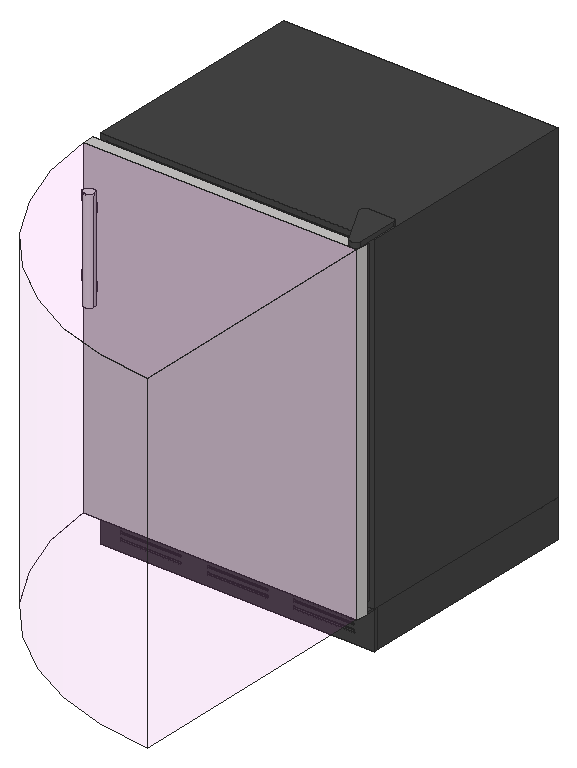
Revit family "QF_Summit_FF6BK2SS_Refrigerator", category Specialty Equipment, Revit 2020
Family settings
  Round Connector Dimension = Use Diameter
  Part Type = Normal
  Work Plane-Based = No
  Always vertical = Yes
  Cut with Voids When Loaded = No
  Shared = No
  Room Calculation Point = No
Parameters
  Weight in Pounds = 100
  Watts = Volts * FL Amps  # 92 W
  Volts = 115 V
  URL Cutsheet = ""
  Specification by User = ""
  Specification by Manufacturer = ""
  Show LHD [instance] = no
  Right Hinged Door [instance] = not(Show LHD)  # yes
  Serial Number = ""
  Seismic Rating = ""
  SMACNA No = ""
  Revision Code = ""
  Refrigerant Volume = 0.00 kip
  Refrigerant Type = "R600a"
  Phase = 1
  Number of Poles = 1
  NAFEM Spec ID Number = ""
  Model = "FF6BK2SS"
  Min Ckt Ampacity = 0 A
  Max Overcurrent Protection = 0 A
  Masterspec = ""
  Manufacturer = "Summit"
  Length = 23 5/8"
  Item Number = ""
  Installed By = ""
  Identify Quantity as Lot = yes
  Height = 32.63"
  HP = ""
  Furnished By = ""
  Foodservice Equipment Identifier = yes
  FL Amps = 0.8 A
  Electrical Remarks = ""
  Electric Connection Type = ""
  Elec Conn RI Height = 0"
  Elec Conn Connection Height = 0"
  Description = "Refrigerator"
  Depth = 22 3/8"
  Default Elevation = 0"
  Cycle = 60 Hz
  Conn Plug = ""
  Conn Conduit = yes
  CSI MasterFormat = ""
  BTUH = 0.0 Btu/h
  Apparent Power = if(Phase = 3, Volts * FL Amps * 1.73, Volts * FL Amps)  # 92 VA
Reference planes (in)
  plane 1 "BACK": y = 0
  plane 2: z = 0
  plane 3 "LEFT": x = 0
  plane 4 "RIGHT": x = 23.625
  plane 5 "FRONT": y = -22.375
  plane 6 "TOP": z = 32.63
  plane 7 "Center Y": x = 11.8125
  plane 8 "Center X": y = -11.1875
  plane 9: z = 32.255
  plane 10: y = -24
  plane 11: y = -45
  plane 12: y = -0.75
  plane 13: y = -20.5
  plane 14: z = 0.375
  plane 15: z = 3.625
  plane 16: x = 17.46169
Forms (in)
  Extrusion 1, solid, material "QF_Metallic_Paint_Black_Smooth"
    sketch origin (-4.07558, -180, 0.505) x (-1, 0, 0) y (0, -1, 0)
      loop
        line (-4.07558, -179.25) -> (-4.07558, -159.5) -> (-27.70058, -159.5) -> (-27.70058, -179.25) -> (-4.07558, -179.25)
    from 3.12 to 31.75
  Extrusion 2, solid, material "QF_Metal_Stainless_Polished"
    sketch origin (-5.77638, -180, 3.755) x (-1, 0, 0) y (0, -1, 0)
      loop
        line (-5.77638, -157.625) -> (-29.40138, -157.625) -> (-29.40138, -158.625) -> (-5.77638, -158.625) -> (-5.77638, -157.625)
    from -0.13 to 28.5
  Extrusion 3, solid, material "QF_Metallic_Paint_Black_Smooth"
    sketch origin (23.5, -21.375, 3.755) x (-1, 0, 0) y (0, 0, 1)
      loop
        line (0.375, 0.37) -> (23, 0.37) -> (23, 28) -> (0.375, 28) -> (0.375, 0.37)
    from 0 to 0.875
  Extrusion 4, solid, material "QF_Metallic_Paint_Black_Smooth", visible <- "Right Hinged Door"
    sketch origin (-5.77638, -180, 32.255) x (-1, 0, 0) y (0, -1, 0)
      loop
        arc (-29.27619, -161.7403) -> (-29.20297, -161.91708) -> (-29.02619, -161.9903) r 0.25
        line (-29.02619, -161.9903) -> (-26.9149, -161.9903)
        arc (-26.9149, -161.9903) -> (-26.55876, -161.78675) -> (-26.55339, -161.37658) r 0.41333
        line (-26.55339, -161.37658) -> (-28.47012, -157.91871)
        arc (-28.47012, -157.91871) -> (-28.95386, -157.71088) -> (-29.27619, -158.12717) r 0.42999
        line (-29.27619, -158.12717) -> (-29.27619, -161.7403)
    from 0 to 0.375
  Extrusion 5, solid, material "QF_Metal_Stainless_Polished", visible <- "Right Hinged Door"
    sketch origin (-1.6459, -180, 28.57544) x (-1, 0, 0) y (0, -1, 0)
      loop
        line (-1.6459, -158.625) -> (-1.5209, -158.625) -> (-1.5209, -157.55854) -> (-2.72981, -156.74311) -> (-3.38781, -156.74311) -> (-3.38781, -156.86811) -> (-2.76803, -156.86811) -> (-1.6459, -157.625) -> (-1.6459, -158.625)
    from 0 to -0.75
  Extrusion 6, solid, material "QF_Metal_Stainless_Polished", visible <- "Right Hinged Door"
    sketch origin (-4.89398, -180, 20.755) x (-1, 0, 0) y (0, -1, 0)
      loop
        circle (-6.30689, -156.43406) r 0.43516
    from 0 to 8.75
  Extrusion 7, solid, material "QF_Metal_Stainless_Polished", visible <- "Right Hinged Door"
    sketch origin (-1.6459, -180, 21.68456) x (0, 1, 0) y (1, 0, 0)
      loop
        line (158.625, 1.6459) -> (157.625, 1.6459) -> (156.86811, 2.76803) -> (156.86811, 3.38781) -> (156.74311, 3.38781) -> (156.74311, 2.72981) -> (157.55854, 1.5209) -> (158.625, 1.5209) -> (158.625, 1.6459)
    from 0 to -0.75
  Extrusion 8, solid, material "QF_Metallic_Paint_Black_Smooth", visible <- "Right Hinged Door"
    sketch origin (-5.77638, -180, 3.625) x (-1, 0, 0) y (0, -1, 0)
      loop
        line (-29.27619, -159.5) -> (-27.5936, -159.5) -> (-28.47012, -157.91871)
        arc (-28.47012, -157.91871) -> (-28.95386, -157.71088) -> (-29.27619, -158.12717) r 0.42999
        line (-29.27619, -158.12717) -> (-29.27619, -159.5)
    from 0 to -0.125
  Extrusion 9, solid, material "QF_Metallic_Paint_Black_Smooth"
    sketch origin (-12.48311, -20.5, 48.25) x (-1, 0, 0) y (0, 0, 1)
      loop
        line (-12.48311, -44.625) -> (-36.10811, -44.625) -> (-36.10811, -47.875) -> (-12.48311, -47.875) -> (-12.48311, -44.625)
      loop
        line (-14.18872, -45.26011) -> (-19.43872, -45.26011) -> (-19.43872, -45.51011) -> (-14.18872, -45.51011) -> (-14.18872, -45.26011)
      loop
        line (-14.18872, -45.76011) -> (-19.43872, -45.76011) -> (-19.43872, -46.01011) -> (-14.18872, -46.01011) -> (-14.18872, -45.76011)
      loop
        line (-14.18872, -46.26011) -> (-19.43872, -46.26011) -> (-19.43872, -46.51011) -> (-14.18872, -46.51011) -> (-14.18872, -46.26011)
      loop
        line (-14.18872, -46.76011) -> (-19.43872, -46.76011) -> (-19.43872, -47.01011) -> (-14.18872, -47.01011) -> (-14.18872, -46.76011)
      loop
        line (-21.67061, -45.26011) -> (-26.92061, -45.26011) -> (-26.92061, -45.51011) -> (-21.67061, -45.51011) -> (-21.67061, -45.26011)
      loop
        line (-21.67061, -45.76011) -> (-26.92061, -45.76011) -> (-26.92061, -46.01011) -> (-21.67061, -46.01011) -> (-21.67061, -45.76011)
      loop
        line (-21.67061, -46.26011) -> (-26.92061, -46.26011) -> (-26.92061, -46.51011) -> (-21.67061, -46.51011) -> (-21.67061, -46.26011)
      loop
        line (-21.67061, -46.76011) -> (-26.92061, -46.76011) -> (-26.92061, -47.01011) -> (-21.67061, -47.01011) -> (-21.67061, -46.76011)
      loop
        line (-34.40249, -45.26011) -> (-34.40249, -45.51011) -> (-29.15249, -45.51011) -> (-29.15249, -45.26011) -> (-34.40249, -45.26011)
      loop
        line (-34.40249, -45.76011) -> (-34.40249, -46.01011) -> (-29.15249, -46.01011) -> (-29.15249, -45.76011) -> (-34.40249, -45.76011)
      loop
        line (-34.40249, -46.26011) -> (-34.40249, -46.51011) -> (-29.15249, -46.51011) -> (-29.15249, -46.26011) -> (-34.40249, -46.26011)
      loop
        line (-34.40249, -46.76011) -> (-34.40249, -47.01011) -> (-29.15249, -47.01011) -> (-29.15249, -46.76011) -> (-34.40249, -46.76011)
    from 0 to 0.25
  Extrusion 10, solid, material "QF_Metallic_Paint_Black_Smooth"
    sketch origin (-12.48311, -1, 48.38) x (-1, 0, 0) y (0, 0, 1)
      loop
        line (-12.48311, -44.755) -> (-36.10811, -44.755) -> (-36.10811, -48.005) -> (-12.48311, -48.005) -> (-12.48311, -44.755)
    from -19.25 to 0.25
  Extrusion 11, solid, material "QF_Metallic_Paint_Black_Smooth"
    sketch origin (-4.07558, -180, 0.375) x (-1, 0, 0) y (0, -1, 0)
      loop
        circle (-7.18598, -161.5) r 0.5
      loop
        circle (-7.18598, -177.25) r 0.5
      loop
        circle (-24.59018, -161.5) r 0.5
      loop
        circle (-24.59018, -177.25) r 0.5
    from 0 to -0.375
  Extrusion 12, solid, material "QF_Metal_Stainless_Polished"
    sketch origin (0, -0.75, 0.505) x (1, 0, 0) y (0, 0, -1)
      loop
        circle (17.46169, -0.84184) r 0.25
    from 0 to 0.25
  Extrusion 13, solid, material "QF_Metallic_Paint_Black_Smooth"
    sketch origin (0, -0.75, 18.005) x (0, -1, 0) y (1, 0, 0)
      loop
        line (-0.75, 9.30778) -> (0, 9.30778) -> (0, 14.31722) -> (-0.75, 14.31722) -> (-0.75, 9.30778)
    from -3 to 3
  Extrusion 14, solid, material "QF_Clearances_Door_Drawer", visible <- "Right Hinged Door"
    sketch origin (-5.77638, -180, 3.625) x (0, -1, 0) y (-1, 0, 0)
      loop
        line (-157.625, -29.40138) -> (-135, -29.40138)
        arc (-135, -29.40138) -> (-141.73517, -13.2053) -> (-157.625, -5.77638) r 24.27307
        line (-157.625, -5.77638) -> (-157.625, -29.40138)
    from 0 to -28.63
  Extrusion 15, solid, material "QF_Metallic_Paint_Black_Smooth", visible <- "Show LHD"
    sketch origin (29.40138, -180, 32.255) x (1, 0, 0) y (0, 1, 0)
      loop
        line (-29.27619, 161.7403) -> (-29.27619, 158.12717)
        arc (-29.27619, 158.12717) -> (-28.95386, 157.71088) -> (-28.47012, 157.91871) r 0.42999
        line (-28.47012, 157.91871) -> (-26.55339, 161.37658)
        arc (-26.55339, 161.37658) -> (-26.55876, 161.78675) -> (-26.9149, 161.9903) r 0.41333
        line (-26.9149, 161.9903) -> (-29.02619, 161.9903)
        arc (-29.02619, 161.9903) -> (-29.20297, 161.91708) -> (-29.27619, 161.7403) r 0.25
    from 0 to 0.375
  Extrusion 16, solid, material "QF_Metal_Stainless_Polished", visible <- "Show LHD"
    sketch origin (25.2709, -180, 28.57544) x (1, 0, 0) y (0, 1, 0)
      loop
        line (-1.6459, 158.625) -> (-1.6459, 157.625) -> (-2.76803, 156.86811) -> (-3.38781, 156.86811) -> (-3.38781, 156.74311) -> (-2.72981, 156.74311) -> (-1.5209, 157.55854) -> (-1.5209, 158.625) -> (-1.6459, 158.625)
    from 0 to -0.75
  Extrusion 17, solid, material "QF_Metal_Stainless_Polished", visible <- "Show LHD"
    sketch origin (28.51898, -180, 20.755) x (1, 0, 0) y (0, 1, 0)
      loop
        circle (-6.30689, 156.43406) r 0.43516
    from 0 to 8.75
  Extrusion 18, solid, material "QF_Metal_Stainless_Polished", visible <- "Show LHD"
    sketch origin (25.2709, -180, 21.68456) x (0, -1, 0) y (-1, 0, 0)
      loop
        line (-158.625, 1.6459) -> (-158.625, 1.5209) -> (-157.55854, 1.5209) -> (-156.74311, 2.72981) -> (-156.74311, 3.38781) -> (-156.86811, 3.38781) -> (-156.86811, 2.76803) -> (-157.625, 1.6459) -> (-158.625, 1.6459)
    from 0 to -0.75
  Extrusion 19, solid, material "QF_Metallic_Paint_Black_Smooth", visible <- "Show LHD"
    sketch origin (29.40138, -180, 3.625) x (1, 0, 0) y (0, 1, 0)
      loop
        line (-29.27619, 159.5) -> (-29.27619, 158.12717)
        arc (-29.27619, 158.12717) -> (-28.95386, 157.71088) -> (-28.47012, 157.91871) r 0.42999
        line (-28.47012, 157.91871) -> (-27.5936, 159.5) -> (-29.27619, 159.5)
    from 0 to -0.125
  Extrusion 20, solid, material "QF_Clearances_Door_Drawer", visible <- "Show LHD"
    sketch origin (29.40138, -180, 3.625) x (0, 1, 0) y (1, 0, 0)
      loop
        line (157.625, -29.40138) -> (157.625, -5.77638)
        arc (157.625, -5.77638) -> (141.73517, -13.2053) -> (135, -29.40138) r 24.27307
        line (135, -29.40138) -> (157.625, -29.40138)
    from 0 to -28.63
Lines and regions (in)
  symbolic lines
    curve 1: line (0, -0.75, 0) -> (23.625, -0.75, 0)
    curve 2: line (0, -20.5, 0) -> (0, -0.75, 0)
    curve 3: line (23.625, -20.5, 0) -> (23.49982, -20.5, 0)
    curve 4: line (23.625, -0.75, 0) -> (23.625, -20.5, 0)
    curve 5: line (21.81722, -20.5, 0) -> (1.80778, -20.5, 0)
    curve 12: line (23.625, -22.375, 0) -> (0, -22.375, 0)
    curve 13: line (0, -21.375, 0) -> (0, -22.375, 0)
    curve 14: line (23.625, -21.375, 0) -> (23.49982, -21.375, 0)
    curve 15: line (23.625, -22.375, 0) -> (23.625, -21.375, 0)
    curve 16: line (22.30224, -21.375, 0) -> (1.32276, -21.375, 0)
    curve 24: line (1.08391, -23.25689, 0) -> (1.10657, -23.25689, 0)
    curve 25: line (1.71926, -23.25689, 0) -> (1.74192, -23.25689, 0)
    curve 28: line (9.30778, -0.75, 0) -> (9.30778, 0, 0)
    curve 29: line (9.30778, 0, 0) -> (14.31722, 0, 0)
    curve 30: line (14.31722, 0, 0) -> (14.31722, -0.75, 0)
    curve 42: line (0.12518, -20.5, 0) -> (0, -20.5, 0)
    curve 44: line (0.12518, -21.375, 0) -> (0, -21.375, 0)
  symbolic lines, visible <- "Right Hinged Door"
    curve 6: line (23.49982, -21.87283, 0) -> (23.49982, -18.2597, 0)
    curve 7: arc (23.49982, -18.2597, 0) -> (23.42659, -18.08292, 0) -> (23.24982, -18.0097, 0) r 0.25
    curve 8: line (23.24982, -18.0097, 0) -> (21.13852, -18.0097, 0)
    curve 9: arc (21.13852, -18.0097, 0) -> (20.78238, -18.21325, 0) -> (20.77701, -18.62342, 0) r 0.41333
    curve 10: line (20.77701, -18.62342, 0) -> (22.69374, -22.08129, 0)
    curve 11: arc (22.69374, -22.08129, 0) -> (23.17748, -22.28912, 0) -> (23.49982, -21.87283, 0) r 0.42999
    curve 17: line (-0.125, -21.375, 0) -> (-0.125, -22.44146, 0)
    curve 18: line (-0.125, -22.44146, 0) -> (1.08391, -23.25689, 0)
    curve 19: arc (0.97776, -23.56594, 0) -> (1.41291, -24.0011, 0) -> (1.84807, -23.56594, 0) r 0.43516
    curve 20: line (1.74192, -23.13189, 0) -> (1.12213, -23.13189, 0)
    curve 21: line (1.12213, -23.13189, 0) -> (0, -22.375, 0)
    curve 22: line (1.74192, -23.25689, 0) -> (1.74192, -23.13189, 0)
    curve 23: arc (1.84807, -23.56594, 0) -> (1.73137, -23.26938, 0) -> (1.44385, -23.13189, 0) r 0.43516
    curve 26: arc (1.38198, -23.13189, 0) -> (1.09446, -23.26938, 0) -> (0.97776, -23.56594, 0) r 0.43516
    curve 27: line (0.5, -21.375, 0) -> (0.5, -20.5, 0)
    curve 41: line (1.80778, -20.5, 0) -> (0.12518, -20.5, 0)
    curve 43: line (1.32276, -21.375, 0) -> (0.12518, -21.375, 0)
    curve 48: line (0, -21.375, 0) -> (-0.125, -21.375, 0)
  symbolic lines, style "QF_Clearances_Door_Drawer", visible <- "Right Hinged Door"
    curve 31: line (23.625, -22.375, 0) -> (3.7814, -33.83171, 0)
    curve 32: arc (3.7814, -33.83171, 0) -> (1.19256, -28.41738, 0) -> (0.01125, -22.53337, 0) r 24.27307
  symbolic lines, style "QF_Clearances_Door_Drawer", visible <- "Show LHD"
    curve 33: line (0, -22.375, 0) -> (19.8436, -33.83171, 0)
    curve 34: arc (19.8436, -33.83171, 0) -> (22.43244, -28.41738, 0) -> (23.61375, -22.53337, 0) r 24.27307
  symbolic lines, visible <- "Show LHD"
    curve 35: line (0.12518, -21.87283, 0) -> (0.12518, -18.2597, 0)
    curve 36: arc (0.12518, -18.2597, 0) -> (0.19841, -18.08292, 0) -> (0.37518, -18.0097, 0) r 0.25
    curve 37: line (0.37518, -18.0097, 0) -> (2.48648, -18.0097, 0)
    curve 38: arc (2.48648, -18.0097, 0) -> (2.84262, -18.21325, 0) -> (2.84799, -18.62342, 0) r 0.41333
    curve 39: line (2.84799, -18.62342, 0) -> (0.93126, -22.08129, 0)
    curve 40: arc (0.93126, -22.08129, 0) -> (0.44752, -22.28912, 0) -> (0.12518, -21.87283, 0) r 0.42999
    curve 45: line (23.125, -21.375, 0) -> (23.125, -20.5, 0)
    curve 46: line (21.81722, -20.5, 0) -> (23.49982, -20.5, 0)
    curve 47: line (22.30224, -21.375, 0) -> (23.49982, -21.375, 0)
    curve 49: line (23.75, -21.375, 0) -> (23.75, -22.44146, 0)
    curve 50: line (23.75, -22.44146, 0) -> (22.54109, -23.25689, 0)
    curve 51: arc (22.64724, -23.56594, 0) -> (22.21209, -24.0011, 0) -> (21.77693, -23.56594, 0) r 0.43516
    curve 52: line (21.88308, -23.13189, 0) -> (22.50287, -23.13189, 0)
    curve 53: line (22.50287, -23.13189, 0) -> (23.625, -22.375, 0)
    curve 54: line (21.88308, -23.25689, 0) -> (21.88308, -23.13189, 0)
    curve 55: arc (21.77693, -23.56594, 0) -> (21.89363, -23.26938, 0) -> (22.18115, -23.13189, 0) r 0.43516
    curve 56: arc (22.24302, -23.13189, 0) -> (22.53054, -23.26938, 0) -> (22.64724, -23.56594, 0) r 0.43516
    curve 57: line (23.625, -21.375, 0) -> (23.75, -21.375, 0)
    curve 58: line (22.54109, -23.25689, 0) -> (22.51843, -23.25689, 0)
    curve 59: line (21.90574, -23.25689, 0) -> (21.88308, -23.25689, 0)
Dimensions and locks (in)
  equal spacing: plane 3 "LEFT", plane 7 "Center Y", plane 4 "RIGHT"
  "Length": plane 3 "LEFT" to plane 4 "RIGHT"
  equal spacing: plane 5 "FRONT", plane 8 "Center X", plane 1 "BACK"
  "Depth": plane 5 "FRONT" to plane 1 "BACK"
  "Height": plane 6 "TOP" to level
  plane 4 "RIGHT" to plane 3 "LEFT" = 23 5/8"
  plane 9 to plane 2 = 32.255"
  plane 6 "TOP" to plane 9 = 3/8"
  plane 10 to plane 5 "FRONT" = 1 5/8"
  plane 1 "BACK" to plane 12 = 3/4"
  plane 12 to plane 13 = 19 3/4"
  plane 13 to plane 11 = 24 1/2"
  plane 12 to plane 11 = 44 1/4"
  plane 14 to plane 2 = 3/8"
  locked: plane 15 to plane 14 at 3.25
  plane 9 to plane 14 = 31.88"
  aligned and locked: level to plane 2
Automatic sketch dimensions
  Extrusion 1 sketch curve to plane 4 "RIGHT" = 0"
  Extrusion 1 sketch curve to plane 3 "LEFT" = 0"
  Extrusion 1 sketch curve to plane 12 = 0"
  Extrusion 1 sketch curve to plane 13 = 0"
  Extrusion 2 sketch curve to plane 4 "RIGHT" = 0"
  Extrusion 2 sketch curve to plane 3 "LEFT" = 0"
  plane 5 "FRONT" to Extrusion 2 sketch curve = 0"
  Extrusion 2 sketch curve to plane 13 = 7/8"
  Extrusion 2 to Extrusion 3 sketch curve = 1/2"  (x3)
  Extrusion 3 sketch curve to Extrusion 2 = 1/2"
  Extrusion 4 sketch curve to Extrusion 2 = 0.12518"
  Extrusion 4 sketch curve to Extrusion 4 sketch curve = 1/4"
  Extrusion 4 sketch curve to Extrusion 4 sketch curve = 0.42999"
  Extrusion 4 sketch curve to Extrusion 2 = 0.29371"
  Extrusion 4 sketch curve to Extrusion 4 sketch curve = 0.37608"
  Extrusion 4 sketch curve to Extrusion 4 sketch curve = 2.1113"
  Extrusion 4 sketch curve to Extrusion 4 sketch curve = 0.36151"
  Extrusion 2 to Extrusion 4 sketch curve = 2.75158"
  Extrusion 4 sketch curve to Extrusion 4 sketch curve = 0.20039"
  Extrusion 5 sketch curve to plane 3 "LEFT" = 0"
  plane 5 "FRONT" to Extrusion 5 sketch curve = 0"
  plane 3 "LEFT" to Extrusion 5 sketch curve = 1.08391"
  Extrusion 5 sketch curve to Extrusion 5 sketch curve = 0.03822"
  Extrusion 5 sketch curve to Extrusion 5 sketch curve = 0.61979"
  Extrusion 5 sketch curve to plane 3 "LEFT" = 1/8"
  Extrusion 5 sketch curve to plane 13 = 7/8"
  plane 5 "FRONT" to Extrusion 5 sketch curve = 0.06646"
  plane 5 "FRONT" to Extrusion 5 sketch curve = 0.75689"
  Extrusion 5 sketch curve to Extrusion 5 sketch curve = 1/8"
  plane 10 to Extrusion 6 sketch curve = 0.43406"
  plane 3 "LEFT" to Extrusion 6 sketch curve = 1.41291"
  Extrusion 7 sketch curve to plane 3 "LEFT" = 0"
  plane 5 "FRONT" to Extrusion 7 sketch curve = 0"
  plane 5 "FRONT" to Extrusion 7 sketch curve = 0.06646"
  plane 5 "FRONT" to Extrusion 7 sketch curve = 0.75689"
  Extrusion 7 sketch curve to Extrusion 7 sketch curve = 1/8"
  Extrusion 7 sketch curve to plane 3 "LEFT" = 1/8"
  Extrusion 7 sketch curve to plane 13 = 7/8"
  plane 3 "LEFT" to Extrusion 7 sketch curve = 1.08391"
  Extrusion 7 sketch curve to Extrusion 7 sketch curve = 0.03822"
  Extrusion 7 sketch curve to Extrusion 7 sketch curve = 0.61979"
  Extrusion 8 sketch curve to plane 13 = 0"
  plane 4 "RIGHT" to Extrusion 8 sketch curve = 0.12518"
  Extrusion 8 sketch curve to Extrusion 8 sketch curve = 0.42999"
  Extrusion 8 sketch curve to plane 5 "FRONT" = 0.29371"
  Extrusion 8 sketch curve to Extrusion 8 sketch curve = 0.37608"
  Extrusion 8 sketch curve to Extrusion 8 sketch curve = 1.6826"
  plane 4 "RIGHT" to Extrusion 9 sketch curve = 0"
  Extrusion 9 sketch curve to plane 3 "LEFT" = 0"
  Extrusion 9 sketch curve to plane 14 = 0"
  Extrusion 9 sketch curve to plane 15 = 0"
  plane 4 "RIGHT" to Extrusion 9 sketch curve = 1.70562"
  Extrusion 9 sketch curve to Extrusion 9 sketch curve = 0"  (x18)
  plane 16 to Extrusion 9 sketch curve = 0.79231"
  plane 14 to Extrusion 9 sketch curve = 0.86489"  (x2)
  Extrusion 9 sketch curve to Extrusion 9 sketch curve = 2.23188"  (x2)
  Extrusion 9 sketch curve to plane 15 = 1.13511"
  Extrusion 9 sketch curve to plane 7 "Center Y" = 2 5/8"
  plane 14 to Extrusion 9 sketch curve = 1.11489"
  plane 3 "LEFT" to Extrusion 9 sketch curve = 1.70562"
  Extrusion 9 sketch curve to Extrusion 9 sketch curve = 1/4"  (x20)
  plane 4 "RIGHT" to Extrusion 10 sketch curve = 0"
  Extrusion 10 sketch curve to plane 3 "LEFT" = 0"
  Extrusion 10 sketch curve to plane 14 = 0"
  Extrusion 10 sketch curve to plane 15 = 0"
  Extrusion 11 sketch curve to plane 16 = 3.05291"  (x2)
  plane 3 "LEFT" to Extrusion 11 sketch curve = 3.1104"  (x2)
  Extrusion 11 sketch curve to plane 12 = 2"  (x2)
  plane 13 to Extrusion 11 sketch curve = 2"  (x2)
  Extrusion 12 sketch curve to Extrusion 1 = 2.27816"
  Extrusion 12 sketch curve to Extrusion 1 = 6.16331"
  plane 1 "BACK" to Extrusion 13 sketch curve = 0"
  Extrusion 13 sketch curve to plane 12 = 0"
  Extrusion 13 sketch curve to plane 7 "Center Y" = 2.50472"
  plane 7 "Center Y" to Extrusion 13 sketch curve = 2.50472"
  Extrusion 14 sketch curve to Extrusion 2 = 0"  (x3)
  Extrusion 14 sketch curve to Extrusion 2 = 0.64083"
  Extrusion 14 sketch curve to Extrusion 14 sketch curve = 22 5/8"
  Extrusion 15 sketch curve to Extrusion 2 = 0.12518"
  Extrusion 15 sketch curve to Extrusion 15 sketch curve = 1/4"
  Extrusion 15 sketch curve to Extrusion 15 sketch curve = 0.42999"
  Extrusion 15 sketch curve to Extrusion 2 = 0.29371"
  Extrusion 15 sketch curve to Extrusion 15 sketch curve = 0.37608"
  Extrusion 15 sketch curve to Extrusion 15 sketch curve = 2.1113"
  Extrusion 15 sketch curve to Extrusion 15 sketch curve = 0.36151"
  Extrusion 2 to Extrusion 15 sketch curve = 2.75158"
  Extrusion 15 sketch curve to Extrusion 15 sketch curve = 0.20039"
  Extrusion 16 sketch curve to plane 4 "RIGHT" = 0"
  plane 5 "FRONT" to Extrusion 16 sketch curve = 0"
  plane 4 "RIGHT" to Extrusion 16 sketch curve = 1.08391"
  Extrusion 16 sketch curve to Extrusion 16 sketch curve = 0.03822"
  Extrusion 16 sketch curve to Extrusion 16 sketch curve = 0.61979"
  Extrusion 16 sketch curve to plane 4 "RIGHT" = 1/8"
  plane 5 "FRONT" to Extrusion 16 sketch curve = 0.06646"
  plane 5 "FRONT" to Extrusion 16 sketch curve = 0.75689"
  Extrusion 16 sketch curve to Extrusion 16 sketch curve = 1/8"
  Extrusion 16 sketch curve to plane 13 = 7/8"
  plane 10 to Extrusion 17 sketch curve = 0.43406"
  plane 4 "RIGHT" to Extrusion 17 sketch curve = 1.41291"
  Extrusion 18 sketch curve to plane 4 "RIGHT" = 0"
  plane 5 "FRONT" to Extrusion 18 sketch curve = 0"
  Extrusion 18 sketch curve to plane 4 "RIGHT" = 1/8"
  Extrusion 18 sketch curve to plane 13 = 7/8"
  plane 5 "FRONT" to Extrusion 18 sketch curve = 0.06646"
  plane 5 "FRONT" to Extrusion 18 sketch curve = 0.75689"
  Extrusion 18 sketch curve to Extrusion 18 sketch curve = 1/8"
  plane 4 "RIGHT" to Extrusion 18 sketch curve = 1.08391"
  Extrusion 18 sketch curve to Extrusion 18 sketch curve = 0.03822"
  Extrusion 18 sketch curve to Extrusion 18 sketch curve = 0.61979"
  Extrusion 19 sketch curve to plane 13 = 0"
  plane 3 "LEFT" to Extrusion 19 sketch curve = 0.12518"
  Extrusion 19 sketch curve to Extrusion 19 sketch curve = 0.42999"
  Extrusion 19 sketch curve to plane 5 "FRONT" = 0.29371"
  Extrusion 19 sketch curve to Extrusion 19 sketch curve = 0.37608"
  Extrusion 19 sketch curve to Extrusion 19 sketch curve = 1.6826"
  Extrusion 20 sketch curve to Extrusion 2 = 0"  (x3)
  Extrusion 20 sketch curve to Extrusion 20 sketch curve = 22 5/8"
  Extrusion 20 sketch curve to Extrusion 2 = 0.59255"
  curve 19 to curve 26 = 0"
  curve 23 to curve 26 = 0"
  curve 51 to curve 55 = 0"
  curve 51 to curve 56 = 0"
  curve 2 to plane 3 "LEFT" = 0"
  curve 33 to plane 3 "LEFT" = 0"
  curve 41 to plane 13 = 0"
  curve 42 to plane 13 = 0"
  curve 5 to plane 13 = 0"
  plane 1 "BACK" to curve 28 = 0"
  curve 28 to plane 12 = 0"
  curve 46 to plane 13 = 0"
  curve 3 to plane 13 = 0"
  curve 4 to plane 4 "RIGHT" = 0"
  curve 31 to plane 4 "RIGHT" = 0"
  plane 5 "FRONT" to curve 31 = 0"
  curve 17 to plane 3 "LEFT" = 1/8"
  curve 34 to plane 13 = 0.23417"
  curve 34 to plane 3 "LEFT" = 0.59255"
  plane 3 "LEFT" to curve 35 = 0.12518"
  curve 35 to curve 36 = 1/4"
  curve 35 to curve 40 = 0.42999"
  curve 39 to plane 5 "FRONT" = 0.29371"
  curve 40 to curve 39 = 0.37608"
  plane 10 to curve 18 = 0.74311"
  plane 3 "LEFT" to curve 18 = 1.08391"
  curve 18 to curve 21 = 0.03822"
  curve 18 to curve 19 = 0.329"
  curve 19 to curve 25 = 0.329"
  curve 37 to curve 37 = 2.1113"
  curve 38 to curve 39 = 0.36151"
  plane 3 "LEFT" to curve 31 = 3.7814"
  curve 28 to plane 7 "Center Y" = 2.50472"
  plane 7 "Center Y" to curve 30 = 2.50472"
  curve 33 to plane 16 = 2.38191"
  plane 4 "RIGHT" to curve 10 = 2.84799"
  curve 9 to curve 8 = 0.36151"
  plane 5 "FRONT" to curve 54 = 0.75689"
  plane 4 "RIGHT" to curve 54 = 1.74192"
  curve 54 to curve 56 = 0.329"
  curve 51 to curve 53 = 0.29079"
  curve 10 to plane 5 "FRONT" = 0.29371"
  plane 4 "RIGHT" to curve 10 = 0.93126"
  curve 10 to curve 11 = 0.37608"
  plane 4 "RIGHT" to curve 8 = 0.37518"
  plane 4 "RIGHT" to curve 6 = 0.12518"
  curve 49 to plane 4 "RIGHT" = 1/8"
  curve 32 to plane 13 = 0.23417"
  curve 32 to plane 4 "RIGHT" = 0.59255"
  plane 10 to curve 26 = 0.43406"
  plane 10 to curve 56 = 0.43406"
  curve 33 to plane 10 = 9.83171"
  curve 31 to plane 10 = 9.83171"
  curve 19 to curve 22 = 0.30906"
  curve 22 to curve 22 = 1/8"
  plane 5 "FRONT" to curve 17 = 0.06646"
  plane 5 "FRONT" to curve 49 = 0.06646"
  curve 11 to curve 57 = 0.49783"
  curve 40 to curve 48 = 0.49783"
  plane 13 to curve 39 = 1.87658"
  plane 13 to curve 10 = 1.87658"
  curve 9 to curve 9 = 0.20039"
  curve 38 to curve 38 = 0.20039"
  curve 41 to curve 27 = 0.37482"
  curve 19 to curve 18 = 0.10616"
  curve 40 to curve 43 = 0.3915"
  curve 16 to curve 43 = 0"
  curve 55 to curve 54 = 0.10616"
  curve 47 to curve 16 = 0"
  curve 52 to curve 58 = 0.03822"
  curve 45 to curve 3 = 0.37482"
  plane 4 "RIGHT" to curve 34 = 0.01125"
  curve 54 to curve 52 = 1/8"
  radius of Extrusion 6 sketch curve = 0.43516"
  radius of Extrusion 11 sketch curve = 1/2"  (x4)
  radius of Extrusion 12 sketch curve = 1/4"
  radius of Extrusion 17 sketch curve = 0.43516"
Connectors (in)
  electrical at (17.46169, -0.5, 1.34684), driven by "Volts", driven by "Watts"
    settings: on Extrusion 12, index 2, voltage 115 V, apparent load 92 VA, apparent load phase1 0 VA, apparent load phase2 0 VA, apparent load phase3 0 VA, power factor 1, load classification "Other", number of poles 1, system type 30, power factor state 1, is connector primary yes, connector utility no, sub classification motor no, connector description ""
